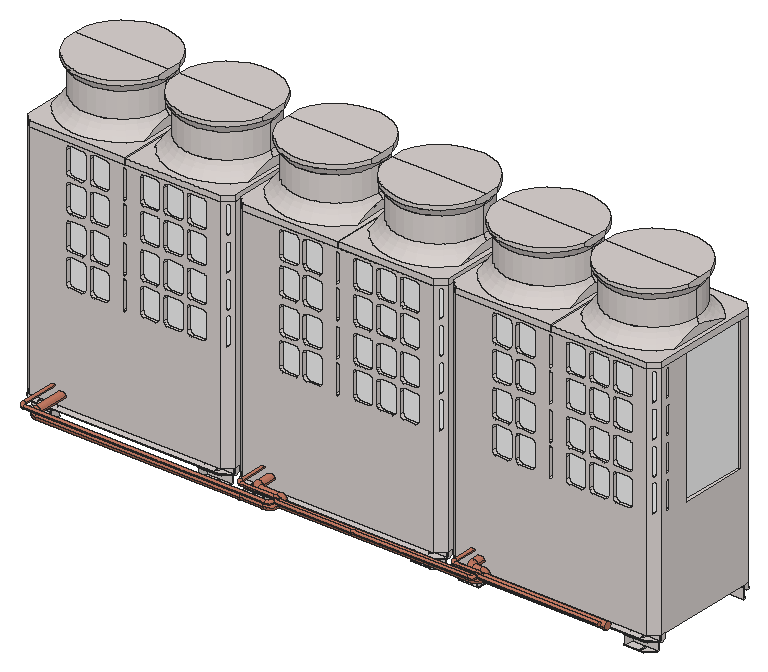
Revit family "PUHY-P1350YSNW-A1", category 機械設備, Revit 2016 (continued)
Definition of nested family "PUHY-P450YNW-A1"
  Dimensions and locks
    Extrusion 21 sketch curve to Extrusion 21 sketch curve = 170.800 mm
    plane 3 "Center (Left/Right)" to cut or joined group 1 (Extrusion 1, Extrusion 2, Extrusion 3, Extrusion 4, Extrusion 5, Extrusion 6, Extrusion 7, Extrusion 8, Extrusion 9, Extrusion 10, Extrusion 11, Extrusion 12, Extrusion 13, Extrusion 14, Extrusion 15, Extrusion 16, Extrusion 17, Extrusion 18, Extrusion 19, Extrusion 20, Extrusion 21, Extrusion 22, Extrusion 23, Extrusion 24, Extrusion 25, Extrusion 26, Extrusion 27, Extrusion 28, Extrusion 29, Extrusion 30, Extrusion 31, Extrusion 32, Extrusion 33) = 620.000 mm
    cut or joined group 1 to plane 3 "Center (Left/Right)" = 620.000 mm
    Extrusion 1 sketch curve to Extrusion 1 sketch curve = 1240.000 mm
    cut or joined group 1 to plane 8 = 185.000 mm
    cut or joined group 1 to plane 7 = 166.000 mm
    cut or joined group 1 to plane 6 = 110.000 mm
    cut or joined group 1 to plane 12 to cut or joined group 1 = 805.000 mm, 621.000 mm
    plane 5 to plane 2 = 1858.000 mm  (x2)
    cut or joined group 1 to plane 19 "132" = 132.000 mm
    cut or joined group 1 to plane 22 = 207.000 mm
    cut or joined group 1 to plane 23 = 256.000 mm
    cut or joined group 1 to plane 6 = 60.000 mm
    cut or joined group 1 to cut or joined group 1 = 42.154 mm
    cut or joined group 1 to cut or joined group 1 = 11.895 mm
    nested 1 to nested 3 to level = 1798.000 mm, 60.000 mm
    nested 1 to nested 1 = 303.000 mm
    nested 1 to nested 3 = 1495.000 mm
    nested 8 to nested 8 to nested 8 to nested 7 to nested 7 to nested 7 = 54.000 mm, 20.000 mm, 592.000 mm, 20.000 mm, 54.000 mm
    nested 3 to nested 3 = 56.000 mm
    plane 11 to plane 31 to plane 32 to cut or joined group 1 = 90.000 mm, 1060.000 mm, 90.000 mm
    curve 103 to nested 7 = 90.000 mm
    curve 104 to nested 7 = 125.000 mm
    curve 101 to nested 7 = 100.000 mm
    curve 11 to curve 13 to nested 7 = 84.000 mm, 71.000 mm
    cut or joined group 1 to curve 12 to curve 14 = 125.000 mm, 148.000 mm
    nested 2 to nested 7 = 1495.000 mm
    curve 87 to cut or joined group 1 = 152.000 mm
    curve 88 to cut or joined group 1 = 172.000 mm
    curve 89 to cut or joined group 1 = 216.000 mm
    cut or joined group 1 to curve 4 to curve 2 = 128.000 mm, 150.000 mm
    cut or joined group 1 to curve 1 to curve 3 = 79.000 mm, 94.000 mm
    Extrusion 32 sketch curve to nested 7 = 116.000 mm
    cut or joined group 1 to Extrusion 32 sketch curve = 160.000 mm
    cut or joined group 1 to Extrusion 33 sketch curve = 243.000 mm
    Extrusion 33 sketch curve to nested 7 = 116.000 mm
    aligned and locked: level to plane 2
    aligned and locked: Extrusion 1 to plane 4
  Nested families
    nested 1: "FAN GUARD" at (-311.5, 2, 860), type "FAN GUARD"
      with WIDTH 870.000 mm
    nested 2: "FAN GUARD" at (311.5, 2, 860) x (-1, 0, 0) z (0, 0, 1), type "FAN GUARD"
      with WIDTH 870.000 mm
    nested 3: "ATTACHMENT LEG" at (-524, -349, 0), type "ATTACHMENT LEG"
    nested 4: "ATTACHMENT LEG" at (-524, 349, 0), type "ATTACHMENT LEG"
    nested 5: "ATTACHMENT LEG" at (524, -349, 0) x (-1, 0, 0) z (0, 0, 1), type "ATTACHMENT LEG"
    nested 6: "ATTACHMENT LEG" at (524, 349, 0) x (-1, 0, 0) z (0, 0, 1), type "ATTACHMENT LEG"
    nested 7: "BASE LEG_L_" at (0, -352, 60), type "BASE LEG_L_"
      with Width 1240.000 mm
    nested 8: "BASE LEG_L_" at (0, 352, 60), type "BASE LEG_L_"
      with Width 1240.000 mm
  Connectors
    piping at (-460, -191, 176), diameter 25.4, driven by "Liquid pipe_radius"
      settings: on cut or joined group 1, index 3, connector inside diameter 25.4 mm, connector length 0.000 mm, flow factor 0, pipe flow 0.0 L/s, pressure drop 0.0 Pa, fitting loss kfactor 0, connector angle 0.00°, fixture units 0, engagement length 0.000 mm, angle of deflection 0.00°, flow configuration 0, flow direction 0, fitting loss method 0, system type 22, joint type 0, gender type 0, connector reference index -1, connector utility 0, adjustable connector no, is connector primary yes, connector description "Refrigerant service valve<Liquid pipe>"
    piping at (-377, -191, 176), diameter 28.58, driven by "Gas pipe_radius"
      settings: on cut or joined group 1, index 4, connector inside diameter 28.58 mm, connector length 0.000 mm, flow factor 0, pipe flow 0.0 L/s, pressure drop 0.0 Pa, fitting loss kfactor 0, connector angle 0.00°, fixture units 0, engagement length 0.000 mm, angle of deflection 0.00°, flow configuration 0, flow direction 0, fitting loss method 0, system type 22, joint type 0, gender type 0, connector reference index -1, connector utility 0, adjustable connector no, is connector primary no, connector description "Refrigerant service valve<Gas>"
    electrical at (0, -370, 808)
      settings: on cut or joined group 1, index 5, voltage 0 V, apparent load 0 VA, apparent load phase1 0 VA, apparent load phase2 0 VA, apparent load phase3 0 VA, power factor 1, load classification none, number of poles 1, system type 30, power factor state 1, is connector primary yes, connector utility no, sub classification motor no, connector description ""
  Definition of nested family "FAN GUARD"
    Parameters
      WIDTH [instance] = 870.000 mm
    Reference planes
      plane 1 "中心(正面/背面)": y = -2
      plane 2: z = 0
      plane 3 "ファンガード基準面": z = 661
      plane 4: y = 368
      plane 5: x = 366
      plane 6: x = -375
      plane 7 "ファンガード基準上面": z = 695
      plane 8 "ファンガード上面": z = 998
      plane 9: x = -273.971
      plane 10: x = 308.5
      plane 11: x = -308.5
      plane 12: x = 0
    Forms (mm)
      Extrusion 1, solid
        sketch origin (85, 0, 661) x (-1, 0, 0) y (0, -1, 0)
          loop
            line (343.5, -368) -> (393.5, -318) -> (393.5, 322) -> (343.5, 372) -> (-223.5, 372) -> (-223.5, -368) -> (343.5, -368)
        from 0 to 34
      Revolve 2, solid
        sketch origin (0, -2, 0) x (1, 0, 0) y (0, 0, 1)
          loop
            line (0, 695) -> (0, 998) -> (-290, 998) -> (-290, 972.327) -> (-260, 928.372) -> (-260, 777.384)
            arc (-260, 777.384) -> (-290.651, 730.137) -> (-334.665, 695) r 175.882
            line (-334.665, 695) -> (0, 695)
          axis (0, 998) -> (0, 695)
        angle from 0 to 360
      Extrusion 3, void
        sketch origin (-840, 75, 695) x (-1, 0, 0) y (0, -1, 0)
          loop
            line (-410, -165) -> (-410, 315) -> (-561.253, 315) -> (-561.253, -165) -> (-410, -165)
        from -35 to 430.592
      Extrusion 4, void
        sketch origin (840, 75, 695) x (1, 0, 0) y (0, 1, 0)
          loop
            line (-410, 165) -> (-561.253, 165) -> (-561.253, -315) -> (-410, -315) -> (-410, 165)
        from 0 to 430.592
    Cuts and joins
      Extrusion 3, Extrusion 4 cuts Revolve 2
      Extrusion 4 cuts Extrusion 1
    Lines and regions (mm)
      model lines
        curve 1: line (-278.747, 0, 998) -> (-80, 0, 998)
        curve 2: line (80, 0, 998) -> (278.747, 0, 998)
        curve 3: circle (0, 0, 998) r 80 normal (0, 0, 1)
        curve 4: line (-278.747, -80, 998) -> (278.747, -80, 998)
        curve 5: line (-241.868, -160, 998) -> (241.868, -160, 998)
        curve 6: line (-162.788, -240, 998) -> (162.788, -240, 998)
        curve 7: line (-278.747, 80, 998) -> (278.747, 80, 998)
        curve 8: line (-241.868, 160, 998) -> (240, 160, 998)
        curve 9: line (-160, 240, 998) -> (162.788, 240, 998)
        curve 10: line (0, 290, 998) -> (0, -290, 998)
        curve 11: line (-20, 289.31, 998) -> (-20, -289.31, 998)
        curve 12: line (-40, 287.228, 998) -> (-40, -287.228, 998)
        curve 13: line (-60, 283.725, 998) -> (-60, -283.725, 998)
        curve 14: line (-80, 278.747, 998) -> (-80, -278.747, 998)
        curve 15: line (20, 289.31, 998) -> (20, -289.31, 998)
        curve 16: line (40, 287.228, 998) -> (40, -287.228, 998)
        curve 17: line (60, 283.725, 998) -> (60, -283.725, 998)
        curve 18: line (80, 278.747, 998) -> (80, -278.747, 998)
        curve 19: line (100, 272.213, 998) -> (100, -272.213, 998)
        curve 20: line (120, 264.008, 998) -> (120, -264.008, 998)
        curve 21: line (140, 253.969, 998) -> (140, -253.969, 998)
        curve 22: line (160, 241.868, 998) -> (160, -243.132, 998)
        curve 23: line (180, 227.376, 998) -> (180, -227.624, 998)
        curve 24: line (200, 210, 998) -> (200, -210, 998)
        curve 25: line (220, 188.944, 998) -> (220, -188.944, 998)
        curve 26: line (240, 160, 998) -> (240, -162.788, 998)
        curve 27: line (260, 128.452, 998) -> (260, -128.452, 998)
        curve 28: line (-100, 272.213, 998) -> (-100, -272.213, 998)
        curve 29: line (-120, 264.008, 998) -> (-120, -264.008, 998)
        curve 30: line (-140, 253.969, 998) -> (-140, -253.969, 998)
        curve 31: line (-160, 240, 998) -> (-160, -241.868, 998)
        curve 32: line (-180, 227.376, 998) -> (-180, -227.376, 998)
        curve 33: line (-200, 210, 998) -> (-200, -210, 998)
        curve 34: line (-220, 188.944, 998) -> (-220, -188.944, 998)
        curve 35: line (-240, 162.788, 998) -> (-240, -162.788, 998)
        curve 36: line (-260, 128.452, 998) -> (-260, -128.452, 998)
        curve 37: line (10, 79.373, 998) -> (10, -79.373, 998)
        curve 38: line (-10, 79.373, 998) -> (-10, -79.373, 998)
        curve 39: line (30, 74.162, 998) -> (30, -74.162, 998)
        curve 40: line (50, 62.45, 998) -> (50, -62.45, 998)
        curve 41: line (70, 38.73, 998) -> (70, -38.73, 998)
        curve 42: line (-30, 74.162, 998) -> (-30, -74.162, 998)
        curve 43: line (-50, 62.45, 998) -> (-50, -62.45, 998)
        curve 44: line (-70, 38.73, 998) -> (-70, -38.73, 998)
    Dimensions and locks
      locked: plane 8 "ファンガード上面" to plane 7 "ファンガード基準上面" at 303
      plane 8 "ファンガード上面" to plane 3 "ファンガード基準面" = 337.000 mm
      Revolve 2 sketch curve to Revolve 2 sketch curve = 290.000 mm
      Extrusion 1 sketch curve to Extrusion 1 sketch curve = 740.000 mm
      equal spacing: Extrusion 1 sketch curve, plane 1 "中心(正面/背面)", Extrusion 1 sketch curve
      plane 6 to plane 5 = 741.000 mm
      Extrusion 1 sketch curve to Extrusion 1 sketch curve = 617.000 mm
      plane 11 to plane 10 = 617.000 mm
      cut or joined group of Extrusion 1, Extrusion 4 to cut or joined group of Extrusion 1, Extrusion 4 = 617.000 mm
      cut or joined group of Extrusion 1, Extrusion 4 to cut or joined group of Extrusion 1, Extrusion 4 = 740.000 mm
      aligned and locked: level to plane 2
      aligned and locked: plane 7 "ファンガード基準上面" to Extrusion 1
      aligned and locked: plane 3 "ファンガード基準面" to Extrusion 1
      aligned and locked: cut or joined group of Revolve 2, Extrusion 3, Extrusion 4 to plane 8 "ファンガード上面"
  Definition of nested family "ATTACHMENT LEG"
    Parameters
      Width = 145.000 mm
    Reference planes
      plane 1: z = 0
      plane 2 "中心(左/右)": x = -6
      plane 3: x = -52
      plane 4: x = 85
      plane 5: x = 93
      plane 6: y = -21
      plane 7: y = 27
      plane 8: x = -30
      plane 9: y = 39
      plane 10: z = 60
      plane 11: z = 57
      plane 12: z = 3
      plane 13: x = 82
      plane 14: y = 36
      plane 15: x = -75
      plane 16: y = 31
      plane 17 "幅": x = 93
      plane 18: y = 2.5
      plane 19: y = 21
      plane 20: y = -10
    Forms (mm)
      Extrusion 1, solid
        sketch origin (0, -1, 0) x (1, 0, 0) y (0, 1, 0)
          loop
            line (-75, 36) -> (-75, 27) -> (-28, -20) -> (93, -20) -> (93, 32) -> (85, 32) -> (85, 36) -> (-75, 36)
        from 0 to 60
      Extrusion 2, void
        sketch origin (0, -3, 0) x (1, 0, 0) y (0, 0, 1)
          loop
            line (-75, 57) -> (-75, 3) -> (82, 3) -> (82, 57) -> (-75, 57)
          loop
            line (93, 57) -> (85, 57) -> (85, 3) -> (93, 3) -> (93, 57)
        from -35 to 18
      Extrusion 3, void
        sketch origin (-6, 5.5, 0) x (1, 0, 0) y (0, 1, 0)
          loop
            arc (-7, -8.5) -> (0, -15.5) -> (7, -8.5) r 7
            line (7, -8.5) -> (7, 8.5)
            arc (7, 8.5) -> (0, 15.5) -> (-7, 8.5) r 7
            line (-7, 8.5) -> (-7, -8.5)
        from 0 to 60
    Cuts and joins
      Extrusion 2, Extrusion 3 cuts Extrusion 1
    Dimensions and locks
      locked: plane 3 to plane 4 at 137
      locked: plane 3 to plane 5 at 145
      plane 6 to plane 7 = 48.000 mm
      locked: plane 10 to level at 60
      Extrusion 3 sketch curve to plane 2 "中心(左/右)" = 7.000 mm
      locked: plane 15 to plane 2 "中心(左/右)" at 69
      locked: plane 15 to plane 8 at 45
      locked: plane 6 to plane 18 at 23.5
      cut or joined group of Extrusion 1, Extrusion 2, Extrusion 3 to cut or joined group of Extrusion 1, Extrusion 2, Extrusion 3 = 168.000 mm
      cut or joined group of Extrusion 1, Extrusion 2, Extrusion 3 to cut or joined group of Extrusion 1, Extrusion 2, Extrusion 3 = 56.000 mm  (x2)
      plane 14 to plane 6 = 57.000 mm
      aligned and locked: level to plane 1
      aligned and locked: Extrusion 1 sketch curve to plane 4
      aligned and locked: Extrusion 1 sketch curve to plane 5
      aligned: plane 8 to Extrusion 1 sketch curve
      aligned and locked: plane 10 to Extrusion 1
      aligned and locked: Extrusion 2 sketch curve to plane 11
      aligned: plane 3 to Extrusion 2 sketch curve
      aligned and locked: plane 12 to Extrusion 2 sketch curve
      aligned and locked: Extrusion 2 sketch curve to plane 13
      aligned and locked: plane 6 to Extrusion 2
      aligned and locked: plane 11 to Extrusion 2 sketch curve
      aligned and locked: plane 5 to Extrusion 2 sketch curve
      aligned and locked: Extrusion 2 sketch curve to plane 12
      aligned and locked: Extrusion 2 sketch curve to plane 4
      aligned and locked: plane 15 to Extrusion 1 sketch curve
      aligned and locked: Extrusion 2 sketch curve to cut or joined group of Extrusion 1, Extrusion 2, Extrusion 3
      aligned and locked: Extrusion 1 to plane 16
  Definition of nested family "BASE LEG_L_"
    Parameters
      Width [instance] = 1240.000 mm
    Reference planes
      plane 1 "中心(正面/背面)": y = 0
      plane 2: z = 0
      plane 3 "中心(左/右)": x = 0
      plane 4: x = 620
      plane 5: x = -620
      plane 6: x = -530
      plane 7: x = 530
      plane 8: y = -18
      plane 9: y = 39
      plane 10: z = 53
      plane 11: y = 42
      plane 12: y = 27
      plane 13: x = 575
      plane 14: x = -575
      plane 15: z = 8
      plane 16: y = 11.5
      plane 17: z = 35
    Forms (mm)
      Extrusion 1, solid
        sketch origin (0, 0, 0) x (0, 1, 0) y (0, 0, 1)
          loop
            line (-18, 0) -> (36, 0) -> (36, 32) -> (56, 32) -> (56, 35) -> (33, 35) -> (33, 3) -> (-18, 3) -> (-18, 0)
        from -620 to 620
      Extrusion 2, void
        sketch origin (0, 0, 0) x (1, 0, 0) y (0, 1, 0)
          loop
            line (575, -18) -> (620, -18) -> (620, 27) -> (575, -18)
          loop
            line (-575, -18) -> (-620, 27) -> (-620, -18) -> (-575, -18)
        from 0 to 250
      Extrusion 3, void
        sketch origin (0, 12.023, 0) x (1, 0, 0) y (0, 1, 0)
          loop
            arc (523, -2.971) -> (530, -9.971) -> (537, -2.971) r 7
            line (537, -2.971) -> (537, 3.023)
            arc (537, 3.023) -> (530, 10.023) -> (523, 3.023) r 7
            line (523, 3.023) -> (523, -2.971)
          loop
            line (-523, -2.971) -> (-523, 3.023)
            arc (-523, 3.023) -> (-530, 10.023) -> (-537, 3.023) r 7
            line (-537, 3.023) -> (-537, -2.971)
            arc (-537, -2.971) -> (-530, -9.971) -> (-523, -2.971) r 7
        from 0 to 250
      Extrusion 4, solid
        sketch origin (0, 0, -3) x (1, 0, 0) y (0, 0, 1)
          loop
            line (617, 8) -> (620, 8) -> (620, 35) -> (617, 35) -> (617, 8)
          loop
            line (-617, 8) -> (-617, 35) -> (-620, 35) -> (-620, 8) -> (-617, 8)
        from -36 to -56
      Extrusion 5, solid
        sketch origin (150, 352, 0) x (1, 0, 0) y (0, 1, 0)
          loop
            line (460, -319) -> (455, -319) -> (455, -320) -> (405, -370) -> (410, -370) -> (460, -320) -> (460, -319)
        from 3 to 35
      Extrusion 6, void
        sketch origin (560, -18, 0) x (0.707107, 0.707107, 0) y (0, 0, 1)
          loop
            line (70.711, 3) -> (-6.741, 39.767) -> (-6.741, 3) -> (70.711, 3)
        from -190.256 to 23.776
      Extrusion 7, solid
        sketch origin (-150, 352, 0) x (-1, 0, 0) y (0, -1, 0)
          loop
            line (460, 319) -> (460, 320) -> (410, 370) -> (405, 370) -> (455, 320) -> (455, 319) -> (460, 319)
        from 3 to 35
      Extrusion 8, void
        sketch origin (-560, -18, 0) x (0.707107, -0.707107, 0) y (0, 0, -1)
          loop
            line (-70.711, -3) -> (0, -35) -> (6.741, -35) -> (6.741, -3) -> (-70.711, -3)
        from -190.256 to 23.776
    Cuts and joins
      Extrusion 2, Extrusion 3 cuts Extrusion 1
      joined: Extrusion 1, Extrusion 4
      Extrusion 8 cuts Extrusion 7
      Extrusion 6 cuts Extrusion 5
    Dimensions and locks
      "Width": plane 5 to plane 4
      equal spacing: plane 5, plane 3 "中心(左/右)", plane 4
      locked: plane 5 to plane 6 at 90
      locked: plane 7 to plane 4 at 90
      locked: plane 8 to plane 9 at 57
      locked: plane 10 to level at 53
      locked: plane 9 to plane 11 at 3
      plane 8 to plane 12 = 45.000 mm
      locked: plane 13 to plane 4 at 45
      locked: plane 5 to plane 14 at 45
      equal spacing: Extrusion 3 sketch curve, plane 7, Extrusion 3 sketch curve
      equal spacing: Extrusion 3 sketch curve, plane 6, Extrusion 3 sketch curve
      locked: plane 10 to plane 15 at 45
      locked: cut or joined group of Extrusion 1, Extrusion 2, Extrusion 3, Extrusion 4 to Extrusion 4 sketch curve at 3  (x2)
      locked: plane 8 to plane 16 at 29.5
      plane 8 to plane 11 = 60.000 mm
      cut or joined group of Extrusion 1, Extrusion 2, Extrusion 3, Extrusion 4 to cut or joined group of Extrusion 1, Extrusion 2, Extrusion 3, Extrusion 4 = 35.000 mm
      aligned and locked: level to plane 2
      aligned and locked: plane 8 to Extrusion 1 sketch curve
      aligned and locked: plane 4 to Extrusion 1
      aligned and locked: Extrusion 1 to plane 5
      aligned and locked: Extrusion 2 sketch curve to plane 4
      aligned and locked: Extrusion 2 sketch curve to plane 8
      aligned and locked: plane 12 to Extrusion 2 sketch curve
      aligned and locked: plane 13 to Extrusion 2 sketch curve
      aligned and locked: plane 4 to Extrusion 4 sketch curve
      aligned and locked: plane 5 to Extrusion 4 sketch curve
      aligned and locked: cut or joined group of Extrusion 7, Extrusion 8 to cut or joined group of Extrusion 1, Extrusion 2, Extrusion 3, Extrusion 4
    Automatic sketch dimensions
      Extrusion 3 sketch curve to plane 1 "中心(正面/背面)" = 9.052 mm  (x2)
      Extrusion 3 sketch curve to plane 7 = 7.000 mm
      Extrusion 3 sketch curve to plane 1 "中心(正面/背面)" = 15.046 mm  (x2)
      Extrusion 3 sketch curve to plane 6 = 7.000 mm
      Extrusion 2 sketch curve to plane 5 = 0.000 mm
      plane 8 to Extrusion 2 sketch curve = 0.000 mm
      Extrusion 2 sketch curve to plane 14 = 0.000 mm
      plane 12 to Extrusion 2 sketch curve = 0.000 mm
      Extrusion 4 sketch curve to plane 10 = 21.000 mm
      plane 7 to Extrusion 5 sketch curve = 25.000 mm
      Extrusion 5 sketch curve to Extrusion 5 sketch curve = 5.000 mm  (x2)
      plane 7 to Extrusion 5 sketch curve = 75.000 mm
      plane 8 to Extrusion 5 sketch curve = 0.000 mm
      Extrusion 5 sketch curve to Extrusion 5 sketch curve = 50.000 mm
      Extrusion 5 sketch curve to Extrusion 5 sketch curve = 0.000 mm
      Extrusion 5 sketch curve to Extrusion 5 sketch curve = 1.000 mm
      Extrusion 6 sketch curve to Extrusion 5 = 0.000 mm  (x2)
      Extrusion 6 sketch curve to Extrusion 5 = 6.741 mm
      Extrusion 6 sketch curve to Extrusion 5 = 4.767 mm
      plane 6 to Extrusion 7 sketch curve = 25.000 mm
      Extrusion 7 sketch curve to Extrusion 7 sketch curve = 5.000 mm  (x2)
      Extrusion 7 sketch curve to Extrusion 7 sketch curve = 45.000 mm
      Extrusion 7 sketch curve to plane 8 = 0.000 mm
      Extrusion 7 sketch curve to Extrusion 7 sketch curve = 50.000 mm
      Extrusion 7 sketch curve to Extrusion 7 sketch curve = 0.000 mm
      Extrusion 7 sketch curve to Extrusion 7 sketch curve = 1.000 mm
      Extrusion 8 sketch curve to Extrusion 7 = 0.000 mm  (x2)
      Extrusion 7 to Extrusion 8 sketch curve = 0.000 mm  (x2)
      Extrusion 7 to Extrusion 8 sketch curve = 6.741 mm
      Extrusion 4 sketch curve to plane 17 = 3.000 mm
      Extrusion 4 sketch curve to plane 15 = 3.000 mm  (x2)
      Extrusion 1 sketch curve to plane 17 = 0.000 mm
      Extrusion 1 sketch curve to level = 0.000 mm
      level to Extrusion 1 sketch curve = 3.000 mm
      plane 9 to Extrusion 1 sketch curve = 6.000 mm
      plane 9 to Extrusion 1 sketch curve = 3.000 mm
      Extrusion 1 sketch curve to plane 17 = 3.000 mm
      Extrusion 1 sketch curve to plane 11 = 14.000 mm
Types (6, lengths in mm): name | Voltage | Hertz | Heating Rated Load Ampacity (A) | Heating Current Input (Nominal) (A) | Heating Current Input (A) | Cooling Rated Load Ampacity (A) | Cooling Current Input (A)
  PUHY-P1350YSNW-A1_380V_50Hz | 380 V | 50 Hz | 73 | 61 | 73 | 76.2 | 76.2
  PUHY-P1350YSNW-A1_380V_60Hz | 380 V | 60 Hz | 73 | 61 | 73 | 76.2 | 76.2
  PUHY-P1350YSNW-A1_400V_50Hz | 400 V | 50 Hz | 69.4 | 57.9 | 69.4 | 72.4 | 72.4
  PUHY-P1350YSNW-A1_400V_60Hz | 400 V | 60 Hz | 69.4 | 57.9 | 69.4 | 72.4 | 72.4
  PUHY-P1350YSNW-A1_415V_50Hz | 415 V | 50 Hz | 66.9 | 55.8 | 66.9 | 69.8 | 69.8
  PUHY-P1350YSNW-A1_415V_60Hz | 415 V | 60 Hz | 66.9 | 55.8 | 66.9 | 69.8 | 69.8
